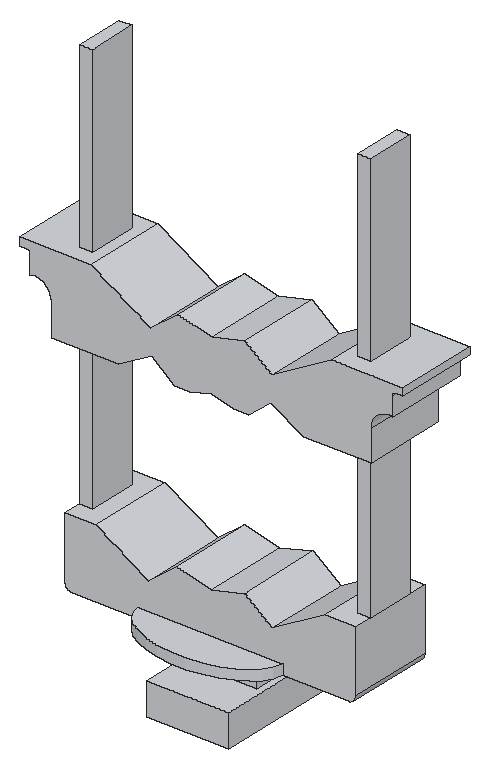
Revit family "550-2121", category Pipe Accessories, Revit 2017
Family settings
  Round Connector Dimension = Use Diameter
  Part Type = Normal
  Work Plane-Based = No
  Always vertical = Yes
  Cut with Voids When Loaded = No
  Shared = No
Parameters
  URL = "WWW.SIOUXCHIEF.COM"
  Spread Distance [instance] = 1.500"
  Model = "550-2121"
  Manufacturer = "SIOUX CHIEF MANUFACTURING, INC."
  Description = "TD+ UNIVERSAL CLAMPS"
Reference planes (in)
  plane 1 "Center (Front/Back)": y = 0
  plane 2: z = 0
  plane 3 "Center (Left/Right)": x = 0
Forms (in)
  Extrusion 1, solid
    sketch origin (0, 0, 0) x (1, 0, 0) y (0, 1, 0)
      loop
        line (-1.4375, 0.24262) -> (-1.4375, -0.24262) -> (-1.3125, -0.24262) -> (-1.3125, 0.24262) -> (-1.4375, 0.24262)
    from 0.679 to 4.75
  Extrusion 2, solid
    sketch origin (0, 0, 0) x (-1, 0, 0) y (0, -1, 0)
      loop
        line (-1.4375, -0.24262) -> (-1.3125, -0.24262) -> (-1.3125, 0.24262) -> (-1.4375, 0.24262) -> (-1.4375, -0.24262)
    from 0.679 to 4.75
  Extrusion 3, solid
    sketch origin (0, 0.39993, 0) x (1, 0, 0) y (0, 0, 1)
      loop
        arc (1.365, 0) -> (1.4162, 0.0212) -> (1.4374, 0.0724) r 0.0724
        line (1.4374, 0.0724) -> (1.4374, 0.679) -> (1.1346, 0.679) -> (0.6041, 0.3762) -> (0.3361, 0.5915) -> (0, 0.50643) -> (-0.3361, 0.5915) -> (-0.6041, 0.3762) -> (-1.1346, 0.679) -> (-1.4374, 0.679) -> (-1.4374, 0.0724)
        arc (-1.4374, 0.0724) -> (-1.4162, 0.0212) -> (-1.365, 0) r 0.0724
        line (-1.365, 0) -> (1.365, 0)
    from -0.02514 to 0.825
  Extrusion 4, solid
    sketch origin (0, -0.25, 0) x (1, 0, 0) y (0, 1, 0)
      loop
        line (-0.341, 0.525) -> (-0.341, -0.025) -> (0.341, -0.025) -> (0.341, 0.525) -> (-0.341, 0.525)
    from 0 to -0.316
  Extrusion 5, solid
    sketch origin (-0.11988, -0.04826, -2.5) x (1, 0, 0) y (0, 1, 0)
      loop
        line (-0.28262, 0.75376) -> (-0.28262, -0.65724) -> (0.52238, -0.65724) -> (0.52238, 0.75376) -> (-0.28262, 0.75376)
    from 1.8653 to 2.184
  Extrusion 6, solid
    sketch origin (0, 0, 0) x (1, 0, 0) y (0, 1, 0)
      loop
        spline (-0.711, -0.42507) -> (-0.68677, -0.52806) -> (-0.61574, -0.62404) -> (-0.50275, -0.70645) -> (-0.3555, -0.76969) -> (-0.18402, -0.80944) -> (0, -0.823) -> (0.18402, -0.80944) -> (0.3555, -0.76969) -> (0.50275, -0.70645) -> (0.61574, -0.62404) -> (0.68677, -0.52806) -> (0.711, -0.42507)
        line (0.711, -0.42507) -> (-0.711, -0.42507)
    from 0 to 0.1
  Extrusion 7, solid
    sketch origin (0, 0, 0) x (1, 0, 0) y (0, 1, 0)
      loop
        line (-0.711, 0.42507) -> (0.711, 0.42507)
        spline (0.711, 0.42507) -> (0.68677, 0.52806) -> (0.61574, 0.62404) -> (0.50275, 0.70645) -> (0.3555, 0.76969) -> (0.18402, 0.80944) -> (0, 0.823) -> (-0.18402, 0.80944) -> (-0.3555, 0.76969) -> (-0.50275, 0.70645) -> (-0.61574, 0.62404) -> (-0.68677, 0.52806) -> (-0.711, 0.42507)
    from 0 to 0.1
  Extrusion 8, solid
    sketch origin (0, 0.25, 0.95011) x (1, 0, 0) y (0, 0, 1)
      loop
        line (-0.00363, 1.28449) -> (0.2179, 1.22889) -> (0.3651, 1.22889) -> (0.5873, 1.41219) -> (0.9151, 1.22889) -> (1.5817, 1.22889) -> (1.5817, 1.54282)
        arc (1.5817, 1.54282) -> (1.64704, 1.67873) -> (1.794, 1.71259) r 0.17403
        line (1.794, 1.71259) -> (1.794, 1.90206)
        arc (1.794, 1.90206) -> (1.80256, 1.92273) -> (1.82323, 1.93129) r 0.02923
        line (1.82323, 1.93129) -> (1.894, 1.93129) -> (1.894, 2.00699) -> (1.1924, 2.00699) -> (0.5952, 1.65979) -> (0.3319, 1.87079) -> (0, 1.78749) -> (-0.3319, 1.87079) -> (-0.5952, 1.65979) -> (-1.1924, 2.00699) -> (-1.894, 2.00699) -> (-1.894, 1.93129) -> (-1.82323, 1.93129)
        arc (-1.82323, 1.93129) -> (-1.80256, 1.92273) -> (-1.794, 1.90206) r 0.02923
        line (-1.794, 1.90206) -> (-1.794, 1.71259)
        arc (-1.794, 1.71259) -> (-1.64704, 1.67873) -> (-1.5817, 1.54282) r 0.17403
        line (-1.5817, 1.54282) -> (-1.5817, 1.22889) -> (-0.9151, 1.22889) -> (-0.5873, 1.41219) -> (-0.3651, 1.22889) -> (-0.2179, 1.22889) -> (0, 1.28357)
    from -0.1625 to 0.6625
  Extrusion 9, solid, not visible
    sketch origin (0, 0, 0) x (1, 0, 0) y (0, 1, 0)
      loop
        line (-1.4375, 0.24262) -> (-1.4375, -0.24262) -> (-1.3125, -0.24262) -> (-1.3125, 0.24262) -> (-1.4375, 0.24262)
    from 0.679 to 4.75
  Extrusion 10, solid, not visible
    sketch origin (0, 0, 0) x (-1, 0, 0) y (0, -1, 0)
      loop
        line (-1.4375, -0.24262) -> (-1.3125, -0.24262) -> (-1.3125, 0.24262) -> (-1.4375, 0.24262) -> (-1.4375, -0.24262)
    from 0.679 to 4.75
  Extrusion 11, solid, not visible
    sketch origin (0, 0.39993, 0) x (1, 0, 0) y (0, 0, 1)
      loop
        arc (1.365, 0) -> (1.4162, 0.0212) -> (1.4374, 0.0724) r 0.0724
        line (1.4374, 0.0724) -> (1.4374, 0.679) -> (1.1346, 0.679) -> (0.6041, 0.3762) -> (0.3361, 0.5915) -> (0, 0.50643) -> (-0.3361, 0.5915) -> (-0.6041, 0.3762) -> (-1.1346, 0.679) -> (-1.4374, 0.679) -> (-1.4374, 0.0724)
        arc (-1.4374, 0.0724) -> (-1.4162, 0.0212) -> (-1.365, 0) r 0.0724
        line (-1.365, 0) -> (1.365, 0)
    from -0.02514 to 0.825
  Extrusion 12, solid, not visible
    sketch origin (0, -0.25, 0) x (1, 0, 0) y (0, 1, 0)
      loop
        line (-0.341, 0.525) -> (-0.341, -0.025) -> (0.341, -0.025) -> (0.341, 0.525) -> (-0.341, 0.525)
    from 0 to -0.316
  Extrusion 13, solid, not visible
    sketch origin (-0.11988, -0.04826, -2.5) x (1, 0, 0) y (0, 1, 0)
      loop
        line (-0.28262, 0.75376) -> (-0.28262, -0.65724) -> (0.52238, -0.65724) -> (0.52238, 0.75376) -> (-0.28262, 0.75376)
    from 1.8653 to 2.184
  Extrusion 14, solid, not visible
    sketch origin (0, 0, 0) x (1, 0, 0) y (0, 1, 0)
      loop
        spline (-0.711, -0.42507) -> (-0.68677, -0.52806) -> (-0.61574, -0.62404) -> (-0.50275, -0.70645) -> (-0.3555, -0.76969) -> (-0.18402, -0.80944) -> (0, -0.823) -> (0.18402, -0.80944) -> (0.3555, -0.76969) -> (0.50275, -0.70645) -> (0.61574, -0.62404) -> (0.68677, -0.52806) -> (0.711, -0.42507)
        line (0.711, -0.42507) -> (-0.711, -0.42507)
    from 0 to 0.1
  Extrusion 15, solid, not visible
    sketch origin (0, 0, 0) x (1, 0, 0) y (0, 1, 0)
      loop
        line (-0.711, 0.42507) -> (0.711, 0.42507)
        spline (0.711, 0.42507) -> (0.68677, 0.52806) -> (0.61574, 0.62404) -> (0.50275, 0.70645) -> (0.3555, 0.76969) -> (0.18402, 0.80944) -> (0, 0.823) -> (-0.18402, 0.80944) -> (-0.3555, 0.76969) -> (-0.50275, 0.70645) -> (-0.61574, 0.62404) -> (-0.68677, 0.52806) -> (-0.711, 0.42507)
    from 0 to 0.1
  Extrusion 16, solid, not visible
    sketch origin (0, 0.25, 0) x (1, 0, 0) y (0, 0, 1)
      loop
        line (-0.00363, 1.28449) -> (0.2179, 1.22889) -> (0.3651, 1.22889) -> (0.5873, 1.41219) -> (0.9151, 1.22889) -> (1.5817, 1.22889) -> (1.5817, 1.54282)
        arc (1.5817, 1.54282) -> (1.64704, 1.67873) -> (1.794, 1.71259) r 0.17403
        line (1.794, 1.71259) -> (1.794, 1.90206)
        arc (1.794, 1.90206) -> (1.80256, 1.92273) -> (1.82323, 1.93129) r 0.02923
        line (1.82323, 1.93129) -> (1.894, 1.93129) -> (1.894, 2.00699) -> (1.1924, 2.00699) -> (0.5952, 1.65979) -> (0.3319, 1.87079) -> (0, 1.78749) -> (-0.3319, 1.87079) -> (-0.5952, 1.65979) -> (-1.1924, 2.00699) -> (-1.894, 2.00699) -> (-1.894, 1.93129) -> (-1.82323, 1.93129)
        arc (-1.82323, 1.93129) -> (-1.80256, 1.92273) -> (-1.794, 1.90206) r 0.02923
        line (-1.794, 1.90206) -> (-1.794, 1.71259)
        arc (-1.794, 1.71259) -> (-1.64704, 1.67873) -> (-1.5817, 1.54282) r 0.17403
        line (-1.5817, 1.54282) -> (-1.5817, 1.22889) -> (-0.9151, 1.22889) -> (-0.5873, 1.41219) -> (-0.3651, 1.22889) -> (-0.2179, 1.22889) -> (0, 1.28357)
    from -0.1625 to 0.6625
Dimensions and locks (in)
  locked: Extrusion 1 sketch curve to Extrusion 1 sketch curve at 0.48523
  locked: Extrusion 1 sketch curve to Extrusion 1 sketch curve at 0.125
  Extrusion 2 sketch curve to Extrusion 2 sketch curve = 0.48523"
  locked: Extrusion 2 sketch curve to Extrusion 2 sketch curve at 0.48523
  locked: Extrusion 2 sketch curve to Extrusion 2 sketch curve at 0.125
  equal spacing: Extrusion 3, plane 1 "Center (Front/Back)", Extrusion 3
  Extrusion 4 sketch curve to Extrusion 4 sketch curve = 0.550"
  Extrusion 4 sketch curve to Extrusion 4 sketch curve = 0.682"
  locked: Extrusion 4 sketch curve to Extrusion 4 sketch curve at 0.682
  locked: Extrusion 4 to Extrusion 4 at 0.55
  equal spacing: Extrusion 4, plane 1 "Center (Front/Back)", Extrusion 4
  locked: Extrusion 1 to level at 4.75
  locked: Extrusion 2 to level at 4.75
  locked: Extrusion 5 to Extrusion 5 at 0.805
  locked: Extrusion 5 to Extrusion 5 at 1.411
  equal spacing: Extrusion 5, plane 1 "Center (Front/Back)", Extrusion 5
  equal spacing: Extrusion 5, plane 3 "Center (Left/Right)", Extrusion 5
  locked: Extrusion 5 to Extrusion 5 at 0.3187
  locked: Extrusion 6 to Extrusion 6 at 0.1
  locked: Extrusion 7 to Extrusion 7 at 0.1
  locked: Extrusion 8 to Extrusion 8 at 0.825
  equal spacing: Extrusion 8, plane 1 "Center (Front/Back)", Extrusion 8
  locked: Extrusion 9 sketch curve to Extrusion 9 sketch curve at 0.48523
  locked: Extrusion 9 sketch curve to Extrusion 9 sketch curve at 0.125
  Extrusion 10 sketch curve to Extrusion 10 sketch curve = 0.48523"
  locked: Extrusion 10 sketch curve to Extrusion 10 sketch curve at 0.48523
  locked: Extrusion 10 sketch curve to Extrusion 10 sketch curve at 0.125
  Extrusion 12 sketch curve to Extrusion 12 sketch curve = 0.550"
  Extrusion 12 sketch curve to Extrusion 12 sketch curve = 0.682"
  locked: Extrusion 12 sketch curve to Extrusion 12 sketch curve at 0.682
  "Spread Distance": Extrusion 8 to Extrusion 3
  aligned and locked: plane 2 to level
  aligned and locked: Extrusion 1 to Extrusion 3
  aligned and locked: Extrusion 2 to Extrusion 3
  aligned and locked: Extrusion 5 to Extrusion 4
  aligned and locked: Extrusion 6 to level
  aligned and locked: Extrusion 7 to level
Automatic sketch dimensions
  Extrusion 3 sketch curve to Extrusion 3 sketch curve = 0.268"  (x2)
  Extrusion 3 sketch curve to Extrusion 3 sketch curve = 0.5305"  (x2)
  Extrusion 3 sketch curve to Extrusion 3 sketch curve = 0.2304"  (x2)
  Extrusion 3 sketch curve to Extrusion 3 sketch curve = 0.2153"  (x2)
  Extrusion 3 sketch curve to Extrusion 3 sketch curve = 0.3028"  (x2)
  Extrusion 8 sketch curve to Extrusion 8 sketch curve = 0.1472"  (x2)
  Extrusion 8 sketch curve to Extrusion 8 sketch curve = 0.2222"  (x2)
  Extrusion 8 sketch curve to Extrusion 8 sketch curve = 0.0079"  (x2)
  Extrusion 8 sketch curve to Extrusion 8 sketch curve = 0.3278"  (x2)
  Extrusion 8 sketch curve to Extrusion 8 sketch curve = 0.5972"  (x2)
  Extrusion 8 sketch curve to Extrusion 8 sketch curve = 0.6666"  (x2)
  Extrusion 8 sketch curve to Extrusion 8 sketch curve = 0.17403"  (x2)
  Extrusion 8 sketch curve to Extrusion 8 sketch curve = 0.03827"  (x2)
  Extrusion 8 sketch curve to Extrusion 8 sketch curve = 0.02923"  (x2)
  Extrusion 8 sketch curve to Extrusion 8 sketch curve = 0.07077"  (x2)
  Extrusion 8 sketch curve to Extrusion 8 sketch curve = 0.000"  (x3)
  Extrusion 8 sketch curve to Extrusion 8 sketch curve = 0.1833"  (x2)
  Extrusion 8 sketch curve to Extrusion 8 sketch curve = 0.31393"  (x2)
  Extrusion 8 sketch curve to Extrusion 8 sketch curve = 0.2476"  (x2)
  Extrusion 8 sketch curve to Extrusion 8 sketch curve = 0.5586"
  Extrusion 8 sketch curve to Extrusion 8 sketch curve = 0.211"  (x2)
  Extrusion 8 sketch curve to Extrusion 8 sketch curve = 0.18947"  (x2)
  Extrusion 8 sketch curve to Extrusion 8 sketch curve = 0.46417"  (x2)
  Extrusion 8 sketch curve to Extrusion 8 sketch curve = 0.05469"
  Extrusion 3 sketch curve to Extrusion 3 sketch curve = 0.0724"  (x2)
  Extrusion 3 sketch curve to Extrusion 3 sketch curve = 0.3361"  (x2)
  Extrusion 3 sketch curve to Extrusion 3 sketch curve = 0.3038"  (x2)
  Extrusion 3 sketch curve to Extrusion 3 sketch curve = 0.08507"
  Extrusion 4 sketch curve to Extrusion 4 sketch curve = 0.550"
  Extrusion 5 sketch curve to Extrusion 5 sketch curve = 0.805"
  Extrusion 5 sketch curve to Extrusion 5 sketch curve = 1.411"
  Extrusion 6 sketch curve to Extrusion 6 sketch curve = 1.422"
  Extrusion 7 sketch curve to Extrusion 7 sketch curve = 1.422"
  Extrusion 11 sketch curve to Extrusion 11 sketch curve = 0.268"  (x2)
  Extrusion 11 sketch curve to Extrusion 11 sketch curve = 0.5305"  (x2)
  Extrusion 11 sketch curve to Extrusion 11 sketch curve = 0.2304"  (x2)
  Extrusion 11 sketch curve to Extrusion 11 sketch curve = 0.2153"  (x2)
  Extrusion 11 sketch curve to Extrusion 11 sketch curve = 0.3028"  (x2)
  Extrusion 11 sketch curve to Extrusion 11 sketch curve = 0.0724"  (x2)
  Extrusion 11 sketch curve to Extrusion 11 sketch curve = 0.3361"  (x2)
  Extrusion 11 sketch curve to Extrusion 11 sketch curve = 0.3038"  (x2)
  Extrusion 11 sketch curve to Extrusion 11 sketch curve = 0.08507"
  Extrusion 12 sketch curve to Extrusion 12 sketch curve = 0.550"
  Extrusion 13 sketch curve to Extrusion 13 sketch curve = 0.805"
  Extrusion 13 sketch curve to Extrusion 13 sketch curve = 1.411"
  Extrusion 14 sketch curve to Extrusion 14 sketch curve = 1.422"
  Extrusion 15 sketch curve to Extrusion 15 sketch curve = 1.422"
  Extrusion 8 sketch curve to Extrusion 8 sketch curve = 0.2633"  (x2)
  Extrusion 8 sketch curve to Extrusion 8 sketch curve = 0.3319"
  Extrusion 8 sketch curve to Extrusion 8 sketch curve = 0.4358"
  Extrusion 8 sketch curve to Extrusion 8 sketch curve = 0.21427"
  Extrusion 8 sketch curve to Extrusion 8 sketch curve = 0.00363"
  Extrusion 16 sketch curve to Extrusion 16 sketch curve = 0.1472"  (x2)
  Extrusion 16 sketch curve to Extrusion 16 sketch curve = 0.2222"  (x2)
  Extrusion 16 sketch curve to Extrusion 16 sketch curve = 0.0079"  (x2)
  Extrusion 16 sketch curve to Extrusion 16 sketch curve = 0.3278"  (x2)
  Extrusion 16 sketch curve to Extrusion 16 sketch curve = 0.5972"  (x2)
  Extrusion 16 sketch curve to Extrusion 16 sketch curve = 0.6666"  (x2)
  Extrusion 16 sketch curve to Extrusion 16 sketch curve = 0.17403"  (x2)
  Extrusion 16 sketch curve to Extrusion 16 sketch curve = 0.03827"  (x2)
  Extrusion 16 sketch curve to Extrusion 16 sketch curve = 0.02923"  (x2)
  Extrusion 16 sketch curve to Extrusion 16 sketch curve = 0.07077"  (x2)
  Extrusion 16 sketch curve to Extrusion 16 sketch curve = 0.000"  (x3)
  Extrusion 16 sketch curve to Extrusion 16 sketch curve = 0.1833"  (x2)
  Extrusion 16 sketch curve to Extrusion 16 sketch curve = 0.31393"  (x2)
  Extrusion 16 sketch curve to Extrusion 16 sketch curve = 0.2476"  (x2)
  Extrusion 16 sketch curve to Extrusion 16 sketch curve = 0.5586"
  Extrusion 16 sketch curve to Extrusion 16 sketch curve = 0.211"  (x2)
  Extrusion 16 sketch curve to Extrusion 16 sketch curve = 0.18947"  (x2)
  Extrusion 16 sketch curve to Extrusion 16 sketch curve = 0.46417"  (x2)
  Extrusion 16 sketch curve to Extrusion 16 sketch curve = 0.05469"
  Extrusion 16 sketch curve to Extrusion 16 sketch curve = 0.2633"  (x2)
  Extrusion 16 sketch curve to Extrusion 16 sketch curve = 0.3319"
  Extrusion 16 sketch curve to Extrusion 16 sketch curve = 0.4358"
  Extrusion 16 sketch curve to Extrusion 16 sketch curve = 0.21427"
  Extrusion 16 sketch curve to Extrusion 16 sketch curve = 0.00363"
